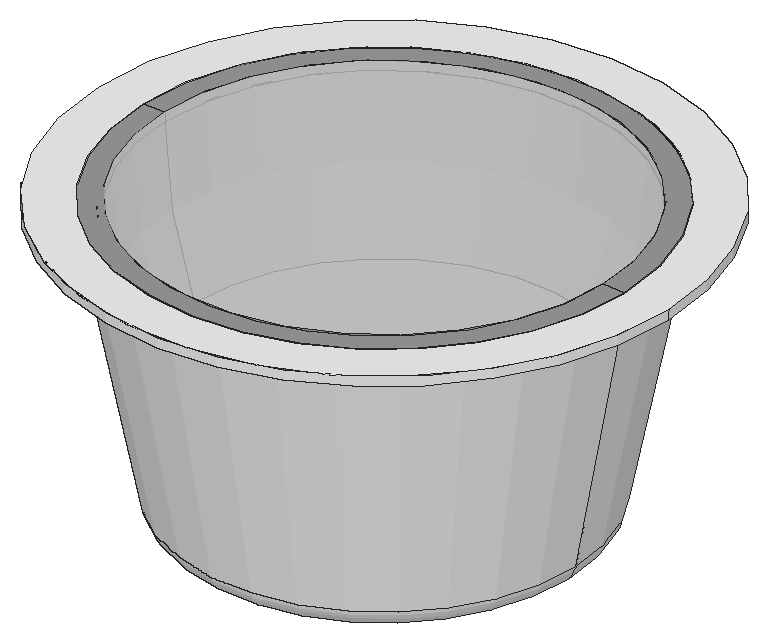
Revit family "2060573 Sylvania Lighting Fixture ASCENT 100 II ARCH 3600 3K DALI EMG 160", category Lighting Fixtures, host Face, Revit 2016
Family settings
  Host = Face
  Part Type = Normal
  Round Connector Dimension = Use Diameter
  OmniClass Number = 23.80.70.11.17
  OmniClass Title = Specialized Lighting by Location or Use
  Cut with Voids When Loaded = No
  Light Source = Yes
  Shared = No
  Room Calculation Point = No
Parameters (values of type "2060573 ASCT100 II ARCH 3600 3K DALI EMG 160 Emergency mode")
  WidthBezelAcc_SYL = 25.0 mm
  Weight = "1.92 kg"
  Wattage = 1.61261 W
  WarrantyStartDate [instance] = "n/a"
  WarrantyGuarantorParts = "n/a"
  WarrantyDurationUnit = "n/a"
  WarrantyDurationParts = "n/a"
  WarrantyDescription = "n/a"
  built-in parameter 1150110 = 1 (stored number, unit not read)
  Voltage = 0 V
  VisibilityAccessory_SYL = no
  TypeName = "ASCT100 II ARCH 3600 3K DALI EMG 160 Emergency mode"
  built-in parameter 1114217 = 1 (stored number, unit not read)
  Tilt Angle = -90°
  built-in parameter 1150109 = 1 (stored number, unit not read)
  built-in parameter 1150134 = (empty or 0)
  built-in parameter 1150113 = 1 (stored number, unit not read)
  SerialNumber [instance] = "n/a"
  ReflectorRadius_SYL = Radius_SYL - 14.5 mm  # 80.0 mm
  RadiusAcc_SYL = 105.0 mm
  Radius_SYL = 94.5 mm
  URL = "http://www.sylvania-lighting.com"
  PowerFactor = 0
  PowerConsumption = "32 W"
  Photometric Web File = "2060573EM.ies"
  NominalWidth = 0.0 mm
  NominalLength = 0.0 mm
  NominalHeight = 94.0 mm
  Name = "ASCT100 II ARCH 3600 3K DALI EMG 160 Emergency mode"
  ModelReference = "ASCT100 II ARCH 3600 3K DALI EMG 160 Emergency mode"
  ModelNumber = "2060573"
  Material_4_SYL = none
  Material_3_SYL = Polycarbonate_Sylvania_Ascent_Opal
  Material_2_SYL = Aluminium_Sylvania_Ascent_Silver
  Material_1_SYL = Aluminum_Sylvania_Ascent_White
  Material = "aluminium housing, arcylic diffuser"
  ManufacturerName = "Feilo Sylvania"
  LuminousEfficacy = "111 lm/W"
  built-in parameter 1150105 = 14.244 (stored number, unit not read)
  Lumens = 179 lm
  LuminaireType = ""
  built-in parameter 1150115 = 1 (stored number, unit not read)
  LightOutputRatio = "100"
  built-in parameter 1150137 = (empty or 0)
  built-in parameter 1150139 = (empty or 0)
  LampsType = Lamp  # "LED"
  LampNominalLuminous = "3548 lm"
  LampMacAdamStep = "3"
  LampColourTemperature = "3000 K"
  LampColourRenderingIndex = "80"
  built-in parameter 1150112 = 1 (stored number, unit not read)
  built-in parameter 1150114 = 1 (stored number, unit not read)
  Keynote = "16500"
  InstallationDate [instance] = "n/a"
  InputVoltage = "n/a"
  InputNominalFrequency = "n/a"
  built-in parameter 1150132 = (empty or 0)
  built-in parameter 1150102 = (empty or 0)
  built-in parameter 1150107 = 3000 (stored number, unit not read)
  built-in parameter 1150138 = (empty or 0)
  IngressProtection = "IP40"
  ImpactProtectionIndex = "IK02"
  built-in parameter 1150106 = 0.14244 (stored number, unit not read)
  IfcExportType = "IfcLightFixtureType"
  IfcExportAs = "IfcLightFixtureType"
  Height_SYL = 94.0 mm
  HeightAcc_SYL = 7.0 mm
  ExpectedLife = 50000
  EmittionSurface_SYL = if(VisibilityAccessory_SYL, 7.0 mm, 3.0 mm)  # 3.0 mm
  Emit from Circle Diameter = DiffuserRadius_SYL * 2  # 146.0 mm
  Emit Shape Visible in Rendering = no
  ElectricShockClassification = "Class II"
  built-in parameter 1150104 = 10.312 (stored number, unit not read)
  DurationUnit = "hours"
  DocumentationLiterature = "http://www.sylvania-lighting.com/product/en-int/products/2060573"
  DimmingControlOptions = "n/a"
  Dimming Lamp Color Temperature Shift = <None>
  DiffuserRadius_SYL = ReflectorRadius_SYL - 7.0 mm  # 73.0 mm
  Diameter_SYL = 2 * Radius_SYL  # 189.0 mm
  CutoutDiameter_SYL = Diameter_SYL - 13.0 mm  # 176.0 mm
  CreatedOn = "9/17/2018"
  CreatedBy = "@sylvania-lighting.com"
  Color Filter = 16777215
  built-in parameter 1114216 [instance] = 1 (stored number, unit not read)
  Model = "ASCT100 II ARCH 3600 3K DALI EMG 160 Emergency mode"
  Manufacturer = "Feilo Sylvania"
  Lamp = "LED"
  Description = "Direct LED retro fit for original LED 100 Arch (160) single CFL lamp offering Matching lumen levels and improved light distribution of original LED 100 CFL lamp equivalents Typically half the power consumption compared to CFL Up to 112lm/W 160mm aperture Architectural reflector accepts range of glass accessories from existing LED 100 Arch 160 offering HE, HO and VHO versions equivalent of single 1 x 18W, 1 x 32W, 1 x 42W\r\n Additional VVHO versions which offer the performance circa 2 x 32W equivalent"  # constant formula
  Default Elevation = 0.0 mm
  built-in parameter 1140040 [instance] = 1
  BarCode [instance] = "n/a"
  built-in parameter 1114218 = 1 (stored number, unit not read)
  built-in parameter 1150133 = 10 (stored number, unit not read)
  AssetType = "Fixed"
  AssetIdentifier [instance] = "n/a"
  Assembly Code = "D5020200"
  Apparent Load = 1.61261 VA
  Aperture_SYL = 2 * ReflectorRadius_SYL  # 160.0 mm
Types (2, lengths in mm): name | Wattage | TypeName | Photometric Web File | Name | ModelReference | built-in parameter 1150105 | Lumens | built-in parameter 1150106 | Model | Apparent Load
  2060573 ASCT100 II ARCH 3600 3K DALI EMG 160 Emergency mode | 1.61261 W | "ASCT100 II ARCH 3600 3K DALI EMG 160 Emergency mode" | "2060573EM.ies" | "ASCT100 II ARCH 3600 3K DALI EMG 160 Emergency mode" | "ASCT100 II ARCH 3600 3K DALI EMG 160 Emergency mode" | 14.244 (stored number, unit not read) | 179 lm | 0.14244 (stored number, unit not read) | "ASCT100 II ARCH 3600 3K DALI EMG 160 Emergency mode" | 1.61261 VA
  2060573 ASCT100 II ARCH 3600 3K DALI EMG 160 | 32 W | "ASCENT 100 II ARCH 3600 3K DALI EMG 160" | "2060573.ies" | "ASCENT 100 II ARCH 3600 3K DALI EMG 160" | "ASCENT 100 II ARCH 3600 3K DALI EMG 160" | 282.66 (stored number, unit not read) | 3552 lm | 2.8266 (stored number, unit not read) | "ASCENT 100 II ARCH 3600 3K DALI EMG 160" | 32 VA
Reference planes
  plane 1 "Center (Front/Back)": y = 0
  plane 2: z = 0
  plane 3 "Center (Left/Right)": x = 0
  plane 4 "Fixture Bottom": z = 3
  plane 5: z = -52.5
  plane 6 "Fixture Top": z = -91
  plane 7: x = -105
  plane 8: z = 7
  plane 9: x = -80
  plane 10: z = 5
  plane 11: x = -103
Forms (mm)
  Extrusion 1, solid, material "Aluminum_Sylvania_Ascent_White", detail levels fine
    sketch origin (0, 0, 0) x (1, 0, 0) y (0, 1, 0)
      loop
        circle (0, 0) r 94.5
      loop
        circle (0, 0) r 80
    from 0 to 3
  Extrusion 2, void
    sketch origin (0, 0, 0) x (1, 0, 0) y (0, 1, 0)
      loop
        circle (0, 0) r 88
    from -91 to 3
  Revolve 3, solid, material "Aluminum_Sylvania_Ascent_White" <- "Material_1_SYL", detail levels fine
    sketch origin (0, 0, 0) x (1, 0, 0) y (0, 0, 1)
      loop
        line (0, -91.073) -> (0, -89.023) -> (-55.468, -89.014)
        arc (-55.468, -89.014) -> (-59.352, -87.613) -> (-61.54, -84.139) r 6.307
        line (-61.54, -84.139) -> (-77.991, -2.844) -> (-77.991, 0) -> (-80, 0) -> (-80, -3) -> (-63.5, -84.536)
        arc (-63.5, -84.536) -> (-60.643, -89.203) -> (-55.5, -91.073) r 8.291
        line (-55.5, -91.073) -> (0, -91.073)
      axis (0, 0) -> (0, -91.073)
    angle from 0 to 360
  Revolve 4, solid, material "Aluminium_Sylvania_Ascent_Silver" <- "Material_2_SYL", detail levels fine
    sketch origin (0, 0, 0) x (1, 0, 0) y (0, 0, 1)
      loop
        line (-80, 3) -> (-80, 0) -> (-75, 0)
        arc (-75, 0) -> (-72.349, -26.77) -> (-64.5, -52.5) r 136.5
        line (-64.5, -52.5) -> (-58, -52.5)
        arc (-58, -52.5) -> (-56.857, -61.521) -> (-53.5, -69.971) r 36.166
        line (-53.5, -69.971) -> (0, -69.971) -> (0, -50.5) -> (-63.16, -50.5)
        arc (-63.16, -50.5) -> (-70.517, -25.725) -> (-73, 0) r 134.5
        line (-73, 0) -> (-73, 3) -> (-80, 3)
      axis (0, 3) -> (0, -69.971)
    angle from 0 to 360
  Extrusion 5, solid, material "Polycarbonate_Sylvania_Ascent_Opal" <- "Material_3_SYL", detail levels fine
    sketch origin (0, 0, 0) x (1, 0, 0) y (0, 1, 0)
      loop
        circle (0, 0) r 73
    from 0 to 3
  Revolve 6, solid, material "Aluminum_Sylvania_Ascent_White" <- "Material_1_SYL", detail levels coarse+medium
    sketch origin (0, 0, 0) x (1, 0, 0) y (0, 0, 1)
      loop
        line (0, -91.073) -> (0, 3) -> (-94.5, 3) -> (-94.5, 0) -> (-79.5, 0) -> (-79.5, -3) -> (-63, -84.536)
        arc (-63, -84.536) -> (-60.143, -89.203) -> (-55, -91.073) r 8.291
        line (-55, -91.073) -> (0, -91.073)
      axis (0, 3) -> (0, -91.073)
    angle from 0 to 360
  Revolve 7, solid, material "Aluminum_Sylvania_Ascent_White" <- "Material_1_SYL", visible <- "VisibilityAccessory_SYL"
    sketch origin (0, 0, 0) x (1, 0, 0) y (0, 0, 1)
      loop
        line (-105, 0) -> (-103, 0) -> (-103, 5) -> (-80, 5) -> (-80, 7) -> (-105, 7) -> (-105, 0)
      axis (0, 7) -> (0, 0)
    angle from 0 to 360
  Revolve 8, solid, material "Polycarbonate_Sylvania_Ascent_Opal" <- "Material_3_SYL", visible <- "VisibilityAccessory_SYL"
    sketch origin (0, 0, 0) x (1, 0, 0) y (0, 0, 1)
      loop
        line (-80, 7) -> (-80, 5) -> (0, 5) -> (0, 7) -> (-80, 7)
      axis (0, 7) -> (0, 5)
    angle from 0 to 360
Lines and regions (mm)
  reference lines
    curve 1: line (-150, 0, 3) -> (125, 0, 3)
Dimensions and locks
  locked: plane 4 "Fixture Bottom" to plane 2 at 3
  "Height_SYL": plane 4 "Fixture Bottom" to plane 6 "Fixture Top"
  "ReflectorRadius_SYL": plane 3 "Center (Left/Right)" to Revolve 4 sketch curve
  locked: Revolve 4 sketch curve to Revolve 4 sketch curve at 15.5
  locked: Revolve 4 sketch curve to Revolve 4 sketch curve at 5
  locked: Revolve 4 sketch curve to Revolve 4 sketch curve at 7
  locked: Revolve 4 sketch curve to Revolve 4 sketch curve at 22
  locked: Revolve 4 sketch curve to Revolve 4 sketch curve at 26.5
  locked: Revolve 3 sketch curve to Revolve 3 sketch curve at 16.5
  locked: Revolve 3 sketch curve to Revolve 3 sketch curve at 24.5
  "ReflectorRadius_SYL": Revolve 3 sketch curve to plane 3 "Center (Left/Right)"
  locked: Revolve 3 sketch curve to plane 6 "Fixture Top" at 6.464
  locked: plane 2 to Revolve 3 sketch curve at 3
  locked: Revolve 3 sketch curve to Revolve 3 sketch curve at 2
  locked: Revolve 3 sketch curve to Revolve 3 sketch curve at 2.009
  locked: plane 2 to plane 5 at 52.5
  locked: Revolve 6 sketch curve to Revolve 6 sketch curve at 31.5
  locked: Revolve 6 sketch curve to Revolve 6 sketch curve at 39.5
  locked: Revolve 6 sketch curve to Revolve 6 sketch curve at 15
  "Radius_SYL": plane 3 "Center (Left/Right)" to Revolve 6 sketch curve
  "RadiusAcc_SYL": plane 3 "Center (Left/Right)" to plane 7
  "HeightAcc_SYL": plane 8 to level
  "WidthBezelAcc_SYL": plane 7 to plane 9
  locked: plane 7 to plane 11 at 2
  locked: plane 8 to plane 10 at 2
  "EmittionSurface_SYL": curve 1 to level
  "CutoutDiameter_SYL": diameter of Extrusion 2 sketch curve
  "ReflectorRadius_SYL": radius of Extrusion 1 sketch curve
  "DiffuserRadius_SYL": radius of Extrusion 5 sketch curve
  "Radius_SYL": radius of Extrusion 1 sketch curve
  aligned and locked: host face to plane 2
  aligned and locked: host face to level
  aligned and locked: plane 4 "Fixture Bottom" to Extrusion 1
  aligned and locked: Extrusion 1 to plane 2
  aligned and locked: Revolve 3 sketch curve to plane 3 "Center (Left/Right)"
  aligned and locked: Revolve 4 sketch curve to plane 3 "Center (Left/Right)"  (x2)
  aligned and locked: plane 4 "Fixture Bottom" to Revolve 4 sketch curve
  aligned and locked: Extrusion 5 to plane 2
  aligned and locked: plane 2 to Revolve 3 sketch curve  (x2)
  aligned and locked: Revolve 6 sketch curve to plane 3 "Center (Left/Right)"
  aligned and locked: plane 6 "Fixture Top" to Extrusion 2
  aligned and locked: Revolve 7 sketch curve to plane 3 "Center (Left/Right)"
  aligned and locked: host face to Revolve 7 sketch curve  (x2)
  aligned and locked: Revolve 7 sketch curve to plane 7
  aligned and locked: plane 8 to Revolve 7 sketch curve
  aligned and locked: plane 9 to Revolve 7 sketch curve
  aligned and locked: Revolve 7 sketch curve to plane 10
  aligned and locked: plane 11 to Revolve 7 sketch curve
  aligned and locked: Revolve 7 to Revolve 8 sketch curve
  aligned and locked: Revolve 8 sketch curve to Revolve 7  (x2)
  aligned and locked: Revolve 8 sketch curve to plane 3 "Center (Left/Right)"  (x2)
  aligned and locked: plane 3 "Center (Left/Right)" to imposter light
  aligned and locked: imposter light to plane 1 "Center (Front/Back)"
  aligned and locked: imposter light to curve 1
Automatic sketch dimensions
  plane 1 "Center (Front/Back)" to Extrusion 2 sketch curve = 0.0 mm
  Extrusion 2 sketch curve to plane 3 "Center (Left/Right)" = 0.0 mm
  Extrusion 1 sketch curve to Extrusion 1 sketch curve = 0.0 mm  (x2)
  plane 1 "Center (Front/Back)" to Extrusion 1 sketch curve = 0.0 mm
  Extrusion 1 sketch curve to plane 3 "Center (Left/Right)" = 0.0 mm
  plane 6 "Fixture Top" to Revolve 3 sketch curve = 0.073 mm
  Revolve 3 sketch curve to plane 6 "Fixture Top" = 6.861 mm
  Revolve 3 sketch curve to Revolve 3 sketch curve = 0.003 mm
  Revolve 3 sketch curve to Revolve 3 sketch curve = 0.009 mm  (x2)
  Revolve 3 sketch curve to Revolve 3 sketch curve = 0.023 mm
  Revolve 3 sketch curve to Revolve 3 sketch curve = 0.072 mm
  Revolve 3 sketch curve to Revolve 3 sketch curve = 0.008 mm
  Revolve 3 sketch curve to plane 6 "Fixture Top" = 1.977 mm
  Revolve 3 sketch curve to Revolve 3 sketch curve = 33.496 mm
  Revolve 3 sketch curve to Revolve 3 sketch curve = 0.028 mm
  plane 4 "Fixture Bottom" to Revolve 3 sketch curve = 82.431 mm
  Revolve 4 sketch curve to Revolve 4 sketch curve = 0.0 mm  (x2)
  Revolve 4 sketch curve to plane 5 = 0.0 mm
  Revolve 4 sketch curve to level = 0.0 mm
  plane 5 to Revolve 4 sketch curve = 2.0 mm
  plane 4 "Fixture Bottom" to Revolve 4 sketch curve = 9.642 mm
  plane 1 "Center (Front/Back)" to Extrusion 5 sketch curve = 0.0 mm
  Extrusion 5 sketch curve to plane 3 "Center (Left/Right)" = 0.0 mm
  Revolve 4 sketch curve to level = 69.971 mm
  Revolve 4 sketch curve to Revolve 4 sketch curve = 2.387 mm
  Revolve 6 sketch curve to level = 0.0 mm
  Revolve 6 sketch curve to plane 3 "Center (Left/Right)" = 0.0 mm
  Revolve 6 sketch curve to Revolve 6 sketch curve = 8.104 mm
  Revolve 6 sketch curve to level = 3.0 mm
  Revolve 6 sketch curve to plane 6 "Fixture Top" = 6.464 mm
  plane 6 "Fixture Top" to Revolve 6 sketch curve = 0.073 mm
  Revolve 6 sketch curve to Revolve 6 sketch curve = 33.496 mm
  plane 4 "Fixture Bottom" to Revolve 6 sketch curve = 82.431 mm
  host sketch curve to host sketch curve = 1704.996 mm
  host sketch curve to host sketch curve = 1500.0 mm
  plane 6 "Fixture Top" to Revolve 7 sketch curve = 281.274 mm
  Revolve 7 sketch curve to plane 8 = 1140.706 mm
  plane 6 "Fixture Top" to Revolve 8 sketch curve = 281.274 mm
  Revolve 8 sketch curve to Revolve 8 sketch curve = 1140.706 mm
  Revolve 3 sketch curve to plane 3 "Center (Left/Right)" = 0.0 mm
  Revolve 6 sketch curve to plane 4 "Fixture Bottom" = 0.0 mm
  plane 7 to curve 1 = 45.0 mm
  plane 3 "Center (Left/Right)" to curve 1 = 125.0 mm
Connectors
  electrical at (0, 0, -91.073), driven by "Apparent Load"
    settings: on Revolve 3, index 1, voltage 240 V, apparent load 0 VA, apparent load phase1 1.61261 VA, apparent load phase2 0 VA, apparent load phase3 0 VA, power factor 1, load classification "Lighting", number of poles 1, system type 31, power factor state 1, is connector primary yes, connector utility no, sub classification motor no, connector description ""
